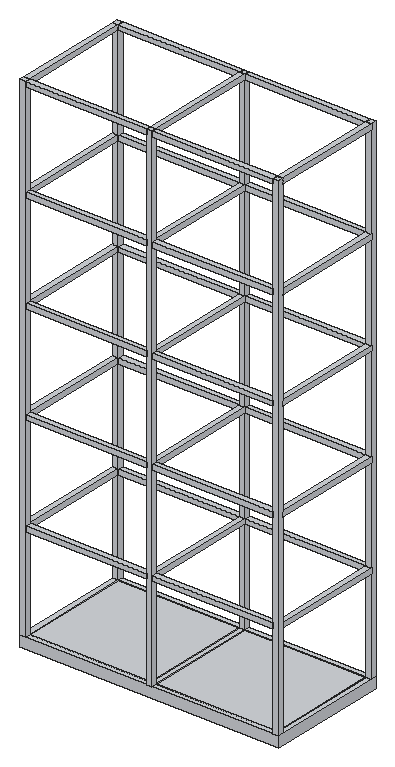
Revit family "Double Width Outline Units", category Furniture, Revit 2021
Family settings
  OmniClass Number = 23.40.20.00
  OmniClass Title = General Furniture and Specialties
  Work Plane-Based = No
  Always vertical = Yes
  Cut with Voids When Loaded = No
  Shared = No
  Room Calculation Point = No
Parameters (values of type "OF10475")
  Width = 1000 mm
  WarrantyStartDate [instance] = ""
  WarrantyGuarantorParts = "servicedept@bisley.com"  # constant formula
  WarrantyGuarantorLabor = "servicedept@bisley.com"  # constant formula
  WarrantyDurationUnit = "Year"  # constant formula
  WarrantyDurationParts = ""
  WarrantyDurationLabor = ""
  WarrantyDescription = "Standard Bisley Warranty"  # constant formula
  Version = ""
  Uniclass2015Version = "V1.1"  # constant formula
  Uniclass2015Title = "78 - Shelves and Storage Units"  # constant formula
  Uniclass2015Code = "PR_40_30_78_57"  # constant formula
  URL = ""
  TagNumber [instance] = ""
  SustainabilityPerformance = "N/A"  # constant formula
  Size = ""
  Shelf Type = Shelves : MFC Shelf 1000w units 470d
  Shape = "Rectangular"  # constant formula
  SerialNumber [instance] = ""
  Revision = "1"  # constant formula
  ReplacementCost = "N/A"  # constant formula
  ProductInformation = "https://www.bisley.com/products/storage-systems/outline/"
  Plinth Height = if(Depth = 400 mm, 50 mm, 40 mm)  # 40 mm
  NominalWidth = Width  # 1000 mm
  NominalLength = Depth  # 470 mm
  NominalHeight = Height  # 1968 mm
  Name = "Floor Standing Outline Frames"  # constant formula
  NBSTypeID = ""
  NBSReference = "45-35-80/360"
  NBSOfficeMasterTag = ""
  NBSDescription = "Office storage"
  ModelReference = ModelNumber  # "OF10475"
  ModelNumber = "OF10475"
  Model = "Outline"  # constant formula
  Material = "Steel"  # constant formula
  ManufacturerURL = "www.bisley.com"
  ManufacturerName = Author  # "Bisley"
  Manufacturer = "orders@bisley.com"  # constant formula
  Keynote = Uniclass2015Code  # "PR_40_30_78_57"
  InstallationDate [instance] = ""
  IfcExportType = ""
  IfcExportAs = ""
  Height = 1968 mm
  Grade = "N/A"  # constant formula
  Frame Type = Outline Frames : 1000w 5 High 470d
  Finish = "Powder Coated Steel"  # constant formula
  Features = ""
  ExpectedLife = "10"  # constant formula
  DurationUnit = "Years"  # constant formula
  Depth = 470 mm
  Default Elevation = 0 mm
  Constituents = "N/A"  # constant formula
  Color = "Vision Pallete"  # constant formula
  CodePerformance = "N/A"  # constant formula
  Category = Uniclass2015Code  # "PR_40_30_78_57"
  BarCode [instance] = "N/A"
  Author = "Bisley"  # constant formula
  AssetType = "Fixed"  # constant formula
  AssetIdentifier [instance] = "N/A"  # constant formula
  AccessibilityPerformance = "N/A"  # constant formula
Types (17, lengths in mm): name | Width | Shelf Type | Plinth Height | NominalWidth | NominalLength | NominalHeight | ModelReference | ModelNumber | Height | Frame Type | Depth
  (no name) | 1000 | Shelves : MFC Shelf 1000w units 470d | 40 | 1000 | 470 | 1968 | "OF10475" | "OF10475" | 1968 | Outline Frames : 1000w 5 High 470d | 470
  OF08402 | 800 | Shelves : Steel Shelf 800w units | 50 | 800 | 400 | 753 | "OF08402" | "OF08402" | 753 | Outline Frames : 800w 2 High | 400
  OF10402 | 1000 | Shelves : Steel Shelf 1000w units | 50 | 1000 | 400 | 753 | "OF10402" | "OF10402" | 753 | Outline Frames : 1000w 2 High | 400
  OF08472 | 800 | Shelves : Steel Shelf 800w units 470d | 40 | 800 | 470 | 812 | "OF08472" | "OF08472" | 812 | Outline Frames : 800w 2 High 470d | 470
  OF10472 | 1000 | Shelves : Steel Shelf 1000w units 470 deep | 40 | 1000 | 470 | 812 | "OF10472" | "OF10472" | 812 | Outline Frames : 1000w 2 High 470d | 470
  OF08403 | 800 | Shelves : Steel Shelf 800w units | 50 | 800 | 400 | 1133 | "OF08403" | "OF08403" | 1133 | Outline Frames : 800w 3 High | 400
  OF10403 | 1000 | Shelves : Steel Shelf 1000w units | 50 | 1000 | 400 | 1133 | "OF10403" | "OF10403" | 1133 | Outline Frames : 1000w 3 High | 400
  OF08473 | 800 | Shelves : Steel Shelf 800w units 470d | 40 | 800 | 470 | 1199 | "OF08473" | "OF08473" | 1199 | Outline Frames : 800w 3 High 470d | 470
  OF10473 | 1000 | Shelves : Steel Shelf 1000w units 470 deep | 40 | 1000 | 470 | 1199 | "OF10473" | "OF10473" | 1199 | Outline Frames : 1000w 3 High 470d | 470
  OF08404 | 800 | Shelves : Steel Shelf 800w units | 50 | 800 | 400 | 1512 | "OF08404" | "OF08404" | 1512 | Outline Frames : 800w 4 High | 400
  OF10404 | 1000 | Shelves : Steel Shelf 1000w units | 50 | 1000 | 400 | 1512 | "OF10404" | "OF10404" | 1512 | Outline Frames : 1000w 4 High | 400
  OF08474 | 800 | Shelves : Steel Shelf 800w units 470d | 40 | 800 | 470 | 1585 | "OF08474" | "OF08474" | 1585 | Outline Frames : 800w 4 High 470d | 470
  OF10474 | 1000 | Shelves : Steel Shelf 1000w units 470 deep | 40 | 1000 | 470 | 1585 | "OF10474" | "OF10474" | 1585 | Outline Frames : 1000w 4 High 470d | 470
  OF08405 | 800 | Shelves : Steel Shelf 800w units | 50 | 800 | 400 | 1891 | "OF08405" | "OF08405" | 1891 | Outline Frames : 800w 5 High | 400
  OF10405 | 1000 | Shelves : Steel Shelf 1000w units | 50 | 1000 | 400 | 1891 | "OF10405" | "OF10405" | 1891 | Outline Frames : 1000w 5 High | 400
  OF08475 | 800 | Shelves : Steel Shelf 800w units 470d | 40 | 800 | 470 | 1968 | "OFO8475" | "OFO8475" | 1968 | Outline Frames : 800w 5 High 470d | 470
  OF10475 | 1000 | Shelves : MFC Shelf 1000w units 470d | 40 | 1000 | 470 | 1968 | "OF10475" | "OF10475" | 1968 | Outline Frames : 1000w 5 High 470d | 470
Reference planes
  plane 1 "Center (Front/Back)": y = 0
  plane 2: z = 0
  plane 3 "Center (Left/Right)": x = 0
  plane 4: x = -500
  plane 5: y = -235
  plane 6: y = 235
  plane 7: x = 500
  plane 8: z = 1968
  plane 9: x = 190
  plane 10: x = -190
  plane 11: x = -11
  plane 12: x = 11
  plane 13: z = 40
Dimensions and locks
  equal spacing: plane 4, plane 3 "Center (Left/Right)", plane 7
  "Width": plane 4 to plane 7
  equal spacing: plane 6, plane 1 "Center (Front/Back)", plane 5
  "Depth": plane 5 to plane 6
  "Height": plane 8 to level
  plane 4 to plane 3 "Center (Left/Right)" = 500 mm
  nested 1 to plane 3 "Center (Left/Right)" = 480 mm
  nested 2 to nested 2 = 468 mm
  locked: plane 11 to plane 3 "Center (Left/Right)" at 11
  locked: plane 3 "Center (Left/Right)" to plane 12 at 11
  "Plinth Height": plane 13 to level
  plane 4 to plane 7 = 1000 mm
  plane 5 to plane 6 = 470 mm
  aligned and locked: level to plane 2
  aligned and locked: plane 3 "Center (Left/Right)" to nested 1
  aligned and locked: plane 1 "Center (Front/Back)" to nested 1
  aligned and locked: nested 1 to level
  aligned and locked: plane 1 "Center (Front/Back)" to nested 2
  aligned and locked: plane 1 "Center (Front/Back)" to nested 3
  aligned and locked: plane 11 to nested 2
  aligned and locked: nested 3 to plane 12
  aligned and locked: plane 13 to nested 2
  aligned and locked: plane 13 to nested 3
Nested families
  nested 1: "Outline Frames" at (0, 0, 0), type <- "Frame Type", type "1000w 5 High 470d"
    with WarrantyStartDate "", TagNumber "", SerialNumber "", InstallationDate "", BarCode "N/A", AssetIdentifier "N/A"
  nested 2: "Shelves" at (-245, 0, 22), type <- "Shelf Type", type "MFC Shelf 1000w units 470d"
    with WarrantyStartDate "", TagNumber "", SerialNumber "", InstallationDate "", BarCode "N/A", AssetIdentifier "N/A"
  nested 3: "Shelves" at (245, 0, 22), type <- "Shelf Type", type "MFC Shelf 1000w units 470d"
    with WarrantyStartDate "", TagNumber "", SerialNumber "", InstallationDate "", BarCode "N/A", AssetIdentifier "N/A"
Definition of nested family "Outline Frames"
  Parameters (values of type "800w 3 High 470d")
    Width = 800 mm
    WarrantyStartDate [instance] = ""
    WarrantyGuarantorParts = "servicedept@bisley.com"  # constant formula
    WarrantyGuarantorLabor = "servicedept@bisley.com"  # constant formula
    WarrantyDurationUnit = "Year"  # constant formula
    WarrantyDurationParts = ""
    WarrantyDurationLabor = ""
    WarrantyDescription = "Standard Bisley Warranty"  # constant formula
    Version = ""
    Uniclass2015Version = "V1.1"  # constant formula
    Uniclass2015Title = "78 - Shelves and Storage Units"  # constant formula
    Uniclass2015Code = "PR_40_30_78_57"  # constant formula
    URL = ""
    TagNumber [instance] = ""
    SustainabilityPerformance = "N/A"  # constant formula
    Size = ""
    Shelf #4 = no
    Shelf #3 = no
    Shelf #2 = yes
    Shape = "Rectangular"  # constant formula
    SerialNumber [instance] = ""
    Revision = ""
    ReplacementCost = "N/A"  # constant formula
    ProductInformation = ""
    Plinth Height = if(Depth = 400 mm, 50 mm, 40 mm)  # 40 mm
    NominalWidth = Width  # 800 mm
    NominalLength = Depth  # 470 mm
    NominalHeight = Height  # 1199 mm
    Name = ""
    NBSTypeID = ""
    NBSReference = "45-35-80/360"
    NBSOfficeMasterTag = ""
    NBSDescription = "Office storage"
    ModelReference = ""
    ModelNumber = ""
    Material 2 = none
    Material = "Steel"  # constant formula
    ManufacturerURL = ""
    ManufacturerName = Author  # "Bisley"
    Manufacturer = "orders@bisley.com"  # constant formula
    Keynote = Uniclass2015Code  # "PR_40_30_78_57"
    Internal 4 = if(Depth = 400 mm, 359 mm, 366 mm)  # 366 mm
    Internal 3 = if(Depth = 400 mm, 359 mm, 366 mm)  # 366 mm
    Internal 2 = if(Depth = 400 mm, 332 mm, 366 mm)  # 366 mm
    Internal 1 = if(Depth = 400 mm, 332 mm, 366 mm)  # 366 mm
    InstallationDate [instance] = ""
    IfcExportType = ""
    IfcExportAs = ""
    Height = 1199 mm
    Grade = "N/A"  # constant formula
    Finish = "Powder Coated Steel"  # constant formula
    Features = ""
    ExpectedLife = "10"  # constant formula
    DurationUnit = "Years"  # constant formula
    Depth = 470 mm
    Default Elevation = 0 mm
    Constituents = "N/A"  # constant formula
    Color = "Vision Pallete"  # constant formula
    CodePerformance = "N/A"  # constant formula
    Category = Uniclass2015Code  # "PR_40_30_78_57"
    BarCode [instance] = "N/A"
    Author = "Bisley"  # constant formula
    AssetType = "Fixed"  # constant formula
    AssetIdentifier [instance] = "N/A"  # constant formula
    AccessibilityPerformance = "N/A"  # constant formula
  Types (16, lengths in mm): name | Width | Shelf #4 | Shelf #3 | Shelf #2 | Plinth Height | NominalWidth | NominalLength | NominalHeight | Internal 4 | Internal 3 | Internal 2 | Internal 1 | Height | Depth
    800w 2 High | 800 | no | no | no | 50 | 800 | 400 | 753 | 359 | 359 | 332 | 332 | 753 | 400
    800w 3 High | 800 | no | no | yes | 50 | 800 | 400 | 1133 | 359 | 359 | 332 | 332 | 1133 | 400
    800w 4 High | 800 | no | yes | yes | 50 | 800 | 400 | 1512 | 359 | 359 | 332 | 332 | 1512 | 400
    800w 5 High | 800 | yes | yes | yes | 50 | 800 | 400 | 1891 | 359 | 359 | 332 | 332 | 1891 | 400
    1000w 5 High | 1000 | yes | yes | yes | 50 | 1000 | 400 | 1891 | 359 | 359 | 332 | 332 | 1891 | 400
    1000w 4 High | 1000 | no | yes | yes | 50 | 1000 | 400 | 1512 | 359 | 359 | 332 | 332 | 1512 | 400
    1000w 3 High | 1000 | no | no | yes | 50 | 1000 | 400 | 1133 | 359 | 359 | 332 | 332 | 1133 | 400
    1000w 2 High | 1000 | no | no | no | 50 | 1000 | 400 | 753 | 359 | 359 | 332 | 332 | 753 | 400
    1000w 2 High 470d | 1000 | no | no | no | 40 | 1000 | 470 | 812 | 366 | 366 | 366 | 366 | 812 | 470
    1000w 3 High 470d | 1000 | no | no | yes | 40 | 1000 | 470 | 1199 | 366 | 366 | 366 | 366 | 1199 | 470
    1000w 4 High 470d | 1000 | no | yes | yes | 40 | 1000 | 470 | 1585 | 366 | 366 | 366 | 366 | 1585 | 470
    1000w 5 High 470d | 1000 | yes | yes | yes | 40 | 1000 | 470 | 1968 | 366 | 366 | 366 | 366 | 1968 | 470
    800w 2 High 470d | 800 | no | no | no | 40 | 800 | 470 | 812 | 366 | 366 | 366 | 366 | 812 | 470
    800w 3 High 470d | 800 | no | no | yes | 40 | 800 | 470 | 1199 | 366 | 366 | 366 | 366 | 1199 | 470
    800w 4 High 470d | 800 | no | yes | yes | 40 | 800 | 470 | 1585 | 366 | 366 | 366 | 366 | 1585 | 470
    800w 5 High 470d | 800 | yes | yes | yes | 40 | 800 | 470 | 1968 | 366 | 366 | 366 | 366 | 1968 | 470
  Reference planes
    plane 1 "Center (Front/Back)": y = 0
    plane 2: z = 0
    plane 3 "Center (Left/Right)": x = 0
    plane 4: x = -400
    plane 5: y = -235
    plane 6: y = 235
    plane 7: x = 400
    plane 8: z = 1199
    plane 9: x = -380
    plane 10: x = -10
    plane 11: y = -215
    plane 12: y = 215
    plane 13: x = 10
    plane 14: x = 380
    plane 15: z = 40
    plane 16: z = 406
    plane 17: z = 1179
    plane 18: z = 1179
    plane 19: z = 426
    plane 20: z = 792
    plane 21: z = 812
    plane 22: z = 1178
    plane 23: z = 1198
    plane 24: z = 1564
    plane 25: z = 1584
    plane 26: z = 406
    plane 27: z = 792
    plane 28: z = 1178
    plane 29: z = 1564
    plane 30: z = 1950
  Forms (mm)
    Extrusion 1, solid
      sketch origin (0, 0, 0) x (1, 0, 0) y (0, 1, 0)
        loop
          line (-400, 235) -> (-400, -235) -> (400, -235) -> (400, 235) -> (-400, 235)
        loop
          line (-380, 215) -> (-380, -215) -> (-10, -215) -> (-10, 215) -> (-380, 215)
        loop
          line (10, 215) -> (10, -215) -> (380, -215) -> (380, 215) -> (10, 215)
      from 0 to 40
    Extrusion 2, solid
      sketch origin (0, 0, 0) x (1, 0, 0) y (0, 1, 0)
        loop
          line (-400, 235) -> (-400, 215) -> (-380, 215) -> (-380, 235) -> (-400, 235)
        loop
          line (-400, -215) -> (-400, -235) -> (-380, -235) -> (-380, -215) -> (-400, -215)
        loop
          line (-10, -235) -> (10, -235) -> (10, -215) -> (-10, -215) -> (-10, -235)
        loop
          line (-10, 235) -> (-10, 215) -> (10, 215) -> (10, 235) -> (-10, 235)
        loop
          line (380, 235) -> (380, 215) -> (400, 215) -> (400, 235) -> (380, 235)
        loop
          line (380, -215) -> (380, -235) -> (400, -235) -> (400, -215) -> (380, -215)
      from 40 to 1199
    Extrusion 3, solid
      sketch origin (0, 0, 0) x (0, 1, 0) y (0, 0, 1)
        loop
          line (235, 1199) -> (215, 1199) -> (215, 1179) -> (235, 1179) -> (235, 1199)
        loop
          line (-215, 1199) -> (-235, 1199) -> (-235, 1179) -> (-215, 1179) -> (-215, 1199)
      from 10 to 380
    Extrusion 4, solid
      sketch origin (0, 0, 0) x (0, 1, 0) y (0, 0, 1)
        loop
          line (235, 1199) -> (215, 1199) -> (215, 1179) -> (235, 1179) -> (235, 1199)
        loop
          line (-215, 1199) -> (-235, 1199) -> (-235, 1179) -> (-215, 1179) -> (-215, 1199)
      from -10 to -380
    Extrusion 5, solid
      sketch origin (0, 0, 0) x (1, 0, 0) y (0, 0, 1)
        loop
          line (-400, 1199) -> (-400, 1179) -> (-380, 1179) -> (-380, 1199) -> (-400, 1199)
        loop
          line (10, 1199) -> (-10, 1199) -> (-10, 1179) -> (10, 1179) -> (10, 1199)
        loop
          line (400, 1179) -> (400, 1199) -> (380, 1199) -> (380, 1179) -> (400, 1179)
      from -215 to 215
    Extrusion 6, solid
      sketch origin (0, 0, 332) x (1, 0, 0) y (0, 0, 1)
        loop
          line (-400, 94) -> (-400, 74) -> (-380, 74) -> (-380, 94) -> (-400, 94)
        loop
          line (-10, 94) -> (-10, 74) -> (10, 74) -> (10, 94) -> (-10, 94)
        loop
          line (380, 94) -> (380, 74) -> (400, 74) -> (400, 94) -> (380, 94)
      from -215 to 215
    Extrusion 7, solid
      sketch origin (0, 0, 0) x (0, 1, 0) y (0, 0, 1)
        loop
          line (235, 426) -> (215, 426) -> (215, 406) -> (235, 406) -> (235, 426)
        loop
          line (-215, 426) -> (-235, 426) -> (-235, 406) -> (-215, 406) -> (-215, 426)
      from -10 to -380
    Extrusion 8, solid
      sketch origin (0, 0, 0) x (0, 1, 0) y (0, 0, 1)
        loop
          line (235, 426) -> (215, 426) -> (215, 406) -> (235, 406) -> (235, 426)
        loop
          line (-215, 426) -> (-235, 426) -> (-235, 406) -> (-215, 406) -> (-215, 426)
      from 10 to 380
    Extrusion 9, solid, visible <- "Shelf #2"
      sketch origin (0, 0, 0) x (1, 0, 0) y (0, 0, 1)
        loop
          line (-400, 792) -> (-380, 792) -> (-380, 812) -> (-400, 812) -> (-400, 792)
        loop
          line (10, 792) -> (10, 812) -> (-10, 812) -> (-10, 792) -> (10, 792)
        loop
          line (400, 792) -> (400, 812) -> (380, 812) -> (380, 792) -> (400, 792)
      from -215 to 215
    Extrusion 10, solid, visible <- "Shelf #2"
      sketch origin (0, 0, 0) x (0, 1, 0) y (0, 0, 1)
        loop
          line (235, 812) -> (215, 812) -> (215, 792) -> (235, 792) -> (235, 812)
        loop
          line (-215, 812) -> (-235, 812) -> (-235, 792) -> (-215, 792) -> (-215, 812)
      from -10 to -380
    Extrusion 11, solid, visible <- "Shelf #2"
      sketch origin (0, 0, 0) x (0, 1, 0) y (0, 0, 1)
        loop
          line (235, 812) -> (215, 812) -> (215, 792) -> (235, 792) -> (235, 812)
        loop
          line (-215, 812) -> (-235, 812) -> (-235, 792) -> (-215, 792) -> (-215, 812)
      from 10 to 380
    Extrusion 12, solid, visible <- "Shelf #3"
      sketch origin (0, 0, 0) x (1, 0, 0) y (0, 0, 1)
        loop
          line (-400, 1198) -> (-400, 1178) -> (-380, 1178) -> (-380, 1198) -> (-400, 1198)
        loop
          line (380, 1198) -> (380, 1178) -> (400, 1178) -> (400, 1198) -> (380, 1198)
        loop
          line (-10, 1198) -> (-10, 1178) -> (10, 1178) -> (10, 1198) -> (-10, 1198)
      from -215 to 215
    Extrusion 13, solid, visible <- "Shelf #3"
      sketch origin (0, 0, 0) x (0, 1, 0) y (0, 0, 1)
        loop
          line (235, 1198) -> (215, 1198) -> (215, 1178) -> (235, 1178) -> (235, 1198)
        loop
          line (-215, 1198) -> (-235, 1198) -> (-235, 1178) -> (-215, 1178) -> (-215, 1198)
      from -10 to -380
    Extrusion 14, solid, visible <- "Shelf #3"
      sketch origin (0, 0, 0) x (0, 1, 0) y (0, 0, 1)
        loop
          line (235, 1198) -> (215, 1198) -> (215, 1178) -> (235, 1178) -> (235, 1198)
        loop
          line (-215, 1178) -> (-215, 1198) -> (-235, 1198) -> (-235, 1178) -> (-215, 1178)
      from 10 to 380
    Extrusion 15, solid, visible <- "Shelf #4"
      sketch origin (0, 0, 0) x (1, 0, 0) y (0, 0, 1)
        loop
          line (-400, 1584) -> (-400, 1564) -> (-380, 1564) -> (-380, 1584) -> (-400, 1584)
        loop
          line (10, 1564) -> (10, 1584) -> (-10, 1584) -> (-10, 1564) -> (10, 1564)
        loop
          line (380, 1584) -> (380, 1564) -> (400, 1564) -> (400, 1584) -> (380, 1584)
      from -215 to 215
    Extrusion 16, solid, visible <- "Shelf #4"
      sketch origin (0, 0, 0) x (0, 1, 0) y (0, 0, 1)
        loop
          line (235, 1584) -> (215, 1584) -> (215, 1564) -> (235, 1564) -> (235, 1584)
        loop
          line (-215, 1584) -> (-235, 1584) -> (-235, 1564) -> (-215, 1564) -> (-215, 1584)
      from -10 to -380
    Extrusion 17, solid, visible <- "Shelf #4"
      sketch origin (0, 0, 0) x (0, 1, 0) y (0, 0, 1)
        loop
          line (235, 1584) -> (215, 1584) -> (215, 1564) -> (235, 1564) -> (235, 1584)
        loop
          line (-215, 1584) -> (-235, 1584) -> (-235, 1564) -> (-215, 1564) -> (-215, 1584)
      from 10 to 380
  Dimensions and locks
    equal spacing: plane 4, plane 3 "Center (Left/Right)", plane 7
    "Width": plane 4 to plane 7
    equal spacing: plane 6, plane 1 "Center (Front/Back)", plane 5
    "Depth": plane 5 to plane 6
    "Height": plane 8 to level
    locked: plane 6 to plane 12 at 20
    locked: plane 4 to plane 9 at 20
    locked: plane 10 to plane 13 at 20
    equal spacing: plane 10, plane 3 "Center (Left/Right)", plane 13
    locked: plane 5 to plane 11 at 20
    locked: plane 14 to plane 7 at 20
    "Plinth Height": plane 15 to level
    locked: plane 8 to plane 17 at 20
    locked: plane 8 to plane 18 at 20
    "Internal 1": plane 16 to plane 15
    locked: plane 19 to plane 16 at 20
    "Internal 2": plane 20 to plane 19
    locked: plane 21 to plane 20 at 20
    "Internal 3": plane 22 to plane 21
    locked: plane 23 to plane 22 at 20
    "Internal 4": plane 24 to plane 23
    locked: plane 25 to plane 24 at 20
    plane 25 to plane 18 = 405 mm
    Extrusion 12 sketch curve to Extrusion 12 sketch curve = 20 mm
    Extrusion 15 to Extrusion 15 = 370 mm
    Extrusion 16 to Extrusion 16 = 430 mm
    locked: plane 26 to plane 15 at 366
    locked: plane 27 to plane 26 at 386
    locked: plane 28 to plane 27 at 386
    locked: plane 29 to plane 28 at 386
    locked: plane 30 to plane 29 at 386
    plane 30 to level = 1950 mm
    plane 29 to level = 1564 mm
    plane 28 to level = 1178 mm
    plane 27 to level = 792 mm
    aligned and locked: level to plane 2
    aligned and locked: Extrusion 1 to plane 15
    aligned and locked: Extrusion 1 to level
    aligned and locked: Extrusion 1 to plane 4
    aligned and locked: plane 5 to Extrusion 1
    aligned and locked: plane 7 to Extrusion 1
    aligned and locked: plane 6 to Extrusion 1
    aligned and locked: plane 11 to Extrusion 1
    aligned and locked: Extrusion 1 to plane 12
    aligned and locked: plane 9 to Extrusion 1
    aligned and locked: Extrusion 1 to plane 14
    aligned and locked: plane 13 to Extrusion 1
    aligned and locked: Extrusion 1 to plane 10
    aligned and locked: plane 9 to Extrusion 2  (x3)
    aligned and locked: Extrusion 2 to plane 4  (x4)
    aligned and locked: Extrusion 2 to plane 10  (x2)
    aligned and locked: plane 13 to Extrusion 2  (x2)
    aligned and locked: plane 6 to Extrusion 2  (x3)
    aligned and locked: Extrusion 2 to plane 12  (x3)
    aligned and locked: Extrusion 2 to plane 14  (x2)
    aligned and locked: plane 7 to Extrusion 2  (x2)
    aligned and locked: plane 5 to Extrusion 2  (x2)
    aligned and locked: plane 11 to Extrusion 2  (x4)
    aligned and locked: Extrusion 2 to Extrusion 1
    aligned and locked: plane 8 to Extrusion 2
    aligned and locked: Extrusion 3 sketch curve to plane 8  (x2)
    aligned and locked: Extrusion 3 sketch curve to plane 6
    aligned and locked: plane 12 to Extrusion 3 sketch curve
    aligned and locked: plane 17 to Extrusion 3 sketch curve  (x2)
    aligned and locked: Extrusion 3 sketch curve to plane 11
    aligned and locked: Extrusion 3 sketch curve to plane 5
    aligned and locked: Extrusion 3 to plane 13
    aligned and locked: plane 14 to Extrusion 3
    aligned and locked: Extrusion 4 sketch curve to Extrusion 2
    aligned and locked: Extrusion 2 to Extrusion 4 sketch curve  (x3)
    aligned and locked: Extrusion 4 sketch curve to Extrusion 3  (x4)
    aligned and locked: Extrusion 4 to plane 10
    aligned and locked: Extrusion 4 to plane 9
    aligned and locked: Extrusion 5 sketch curve to Extrusion 2  (x3)
    aligned and locked: Extrusion 3 to Extrusion 5 sketch curve
    aligned and locked: Extrusion 2 to Extrusion 5 sketch curve
    aligned and locked: plane 18 to Extrusion 5 sketch curve
    aligned and locked: Extrusion 5 sketch curve to plane 7
    aligned and locked: Extrusion 5 sketch curve to Extrusion 3
    aligned and locked: Extrusion 5 to plane 11
    aligned and locked: plane 12 to Extrusion 5
    aligned and locked: plane 10 to Extrusion 6 sketch curve
    aligned and locked: Extrusion 6 sketch curve to Extrusion 2  (x2)
    aligned and locked: plane 14 to Extrusion 6 sketch curve
    aligned and locked: plane 4 to Extrusion 6 sketch curve
    aligned and locked: Extrusion 6 sketch curve to plane 9
    aligned and locked: Extrusion 6 to plane 11
    aligned and locked: plane 12 to Extrusion 6
    aligned and locked: plane 19 to Extrusion 6  (x3)
    aligned and locked: Extrusion 6 to plane 16  (x3)
    aligned and locked: Extrusion 6 to plane 4
    aligned and locked: plane 9 to Extrusion 6
    aligned and locked: plane 7 to Extrusion 6
    aligned and locked: Extrusion 6 to plane 14
    aligned and locked: plane 13 to Extrusion 6
    aligned and locked: Extrusion 6 to plane 10
    aligned and locked: plane 19 to Extrusion 7 sketch curve
    aligned and locked: plane 6 to Extrusion 7 sketch curve
    aligned and locked: Extrusion 6 to Extrusion 7 sketch curve  (x2)
    aligned and locked: Extrusion 7 sketch curve to Extrusion 6  (x2)
    aligned and locked: Extrusion 7 sketch curve to plane 16
    aligned and locked: plane 5 to Extrusion 7 sketch curve
    aligned and locked: Extrusion 8 sketch curve to Extrusion 7  (x4)
    aligned and locked: Extrusion 6 to Extrusion 8 sketch curve  (x2)
    aligned and locked: Extrusion 8 sketch curve to Extrusion 6  (x2)
    aligned and locked: Extrusion 8 to plane 13
    aligned and locked: Extrusion 7 to plane 9
    aligned and locked: plane 10 to Extrusion 7
    aligned and locked: plane 14 to Extrusion 8
    aligned and locked: plane 20 to Extrusion 9 sketch curve  (x2)
    aligned and locked: Extrusion 9 sketch curve to plane 7
    aligned and locked: Extrusion 9 sketch curve to Extrusion 9 sketch curve
    aligned and locked: plane 14 to Extrusion 9 sketch curve
    aligned and locked: Extrusion 9 sketch curve to plane 13
    aligned and locked: plane 10 to Extrusion 9 sketch curve
    aligned and locked: plane 9 to Extrusion 9 sketch curve
    aligned and locked: Extrusion 9 sketch curve to plane 4
    aligned and locked: Extrusion 9 sketch curve to plane 20
    aligned and locked: plane 21 to Extrusion 9  (x3)
    aligned and locked: Extrusion 9 to plane 11
    aligned and locked: plane 12 to Extrusion 9
    aligned and locked: plane 21 to Extrusion 10 sketch curve
    aligned and locked: plane 6 to Extrusion 10 sketch curve
    aligned and locked: Extrusion 9 to Extrusion 10 sketch curve  (x2)
    aligned and locked: Extrusion 10 sketch curve to Extrusion 9  (x2)
    aligned and locked: Extrusion 10 sketch curve to plane 20
    aligned and locked: plane 5 to Extrusion 10 sketch curve
    aligned and locked: Extrusion 11 sketch curve to Extrusion 10  (x4)
    aligned and locked: Extrusion 9 to Extrusion 11 sketch curve  (x2)
    aligned and locked: Extrusion 11 sketch curve to Extrusion 9  (x2)
    aligned and locked: plane 14 to Extrusion 11
    aligned and locked: Extrusion 11 to plane 13
    aligned and locked: Extrusion 10 to plane 9
    aligned and locked: plane 10 to Extrusion 10
    aligned and locked: Extrusion 12 sketch curve to plane 23  (x3)
    aligned and locked: plane 4 to Extrusion 12 sketch curve
    aligned and locked: plane 22 to Extrusion 12 sketch curve  (x3)
    aligned and locked: Extrusion 12 sketch curve to plane 9
    aligned and locked: Extrusion 12 sketch curve to plane 7
    aligned and locked: plane 10 to Extrusion 12 sketch curve
    aligned and locked: Extrusion 12 sketch curve to plane 13
    aligned and locked: Extrusion 12 to plane 11
    aligned and locked: plane 12 to Extrusion 12
    aligned and locked: plane 23 to Extrusion 13 sketch curve
    aligned and locked: plane 6 to Extrusion 13 sketch curve
    aligned and locked: Extrusion 12 to Extrusion 13 sketch curve  (x2)
    aligned and locked: Extrusion 13 sketch curve to Extrusion 12  (x2)
    aligned and locked: Extrusion 13 sketch curve to plane 22
    aligned and locked: plane 5 to Extrusion 13 sketch curve
    aligned and locked: Extrusion 14 sketch curve to Extrusion 13  (x4)
    aligned and locked: Extrusion 12 to Extrusion 14 sketch curve  (x2)
    aligned and locked: Extrusion 14 sketch curve to Extrusion 12  (x2)
    aligned and locked: plane 14 to Extrusion 14
    aligned and locked: Extrusion 14 to plane 13
    aligned and locked: plane 10 to Extrusion 13
    aligned and locked: plane 9 to Extrusion 5
    aligned and locked: Extrusion 15 sketch curve to plane 25  (x3)
    aligned and locked: plane 4 to Extrusion 15 sketch curve
    aligned and locked: plane 24 to Extrusion 15 sketch curve  (x3)
    aligned and locked: Extrusion 15 sketch curve to plane 9
    aligned and locked: Extrusion 15 sketch curve to plane 13
    aligned and locked: plane 10 to Extrusion 15 sketch curve
    aligned and locked: plane 14 to Extrusion 15 sketch curve
    aligned and locked: Extrusion 15 sketch curve to plane 7
    aligned and locked: plane 12 to Extrusion 15
    aligned and locked: Extrusion 15 to plane 11
    aligned and locked: plane 25 to Extrusion 16 sketch curve
    aligned and locked: plane 6 to Extrusion 16 sketch curve
    aligned and locked: Extrusion 15 to Extrusion 16 sketch curve  (x2)
    aligned and locked: Extrusion 16 sketch curve to Extrusion 15  (x2)
    aligned and locked: Extrusion 16 sketch curve to plane 24
    aligned and locked: plane 5 to Extrusion 16 sketch curve
    aligned and locked: Extrusion 17 sketch curve to Extrusion 16  (x4)
    aligned and locked: Extrusion 15 to Extrusion 17 sketch curve  (x2)
    aligned and locked: Extrusion 17 sketch curve to Extrusion 15  (x2)
    aligned and locked: Extrusion 17 to plane 13
    aligned and locked: plane 14 to Extrusion 17
    aligned and locked: Extrusion 16 to plane 9
    aligned and locked: plane 10 to Extrusion 16
    aligned and locked: Extrusion 13 to plane 9
  Automatic sketch dimensions
    Extrusion 1 sketch curve to plane 4 = 0 mm
    Extrusion 1 sketch curve to plane 9 = 0 mm
    Extrusion 1 sketch curve to plane 10 = 0 mm
    Extrusion 1 sketch curve to plane 11 = 0 mm  (x2)
    Extrusion 1 sketch curve to plane 13 = 0 mm
    Extrusion 1 sketch curve to plane 14 = 0 mm
    Extrusion 1 sketch curve to plane 6 = 0 mm
    Extrusion 1 sketch curve to plane 7 = 0 mm
    plane 5 to Extrusion 1 sketch curve = 0 mm
    Extrusion 1 sketch curve to plane 12 = 0 mm  (x2)
    Extrusion 2 sketch curve to plane 4 = 0 mm  (x2)
    Extrusion 2 sketch curve to plane 9 = 0 mm  (x2)
    Extrusion 2 sketch curve to plane 6 = 0 mm  (x3)
    plane 5 to Extrusion 2 sketch curve = 0 mm  (x3)
    Extrusion 2 sketch curve to plane 10 = 0 mm  (x2)
    Extrusion 2 sketch curve to plane 13 = 0 mm  (x2)
    Extrusion 2 sketch curve to plane 14 = 0 mm  (x2)
    Extrusion 2 sketch curve to plane 11 = 0 mm  (x3)
    Extrusion 2 sketch curve to plane 7 = 0 mm  (x2)
    Extrusion 2 sketch curve to plane 12 = 0 mm  (x3)
    Extrusion 5 sketch curve to plane 9 = 0 mm
    Extrusion 5 sketch curve to plane 10 = 0 mm
    Extrusion 5 sketch curve to plane 18 = 0 mm  (x2)
    Extrusion 6 sketch curve to plane 16 = 0 mm  (x3)
    Extrusion 6 sketch curve to plane 19 = 0 mm  (x3)
    plane 20 to Extrusion 9 sketch curve = 20 mm
    Extrusion 9 sketch curve to Extrusion 9 sketch curve = 20 mm
    Extrusion 16 sketch curve to plane 25 = 0 mm
Definition of nested family "Shelves"
  Parameters (values of type "Steel Shelf 800w units 470d")
    Width = 368 mm
    WarrantyStartDate [instance] = ""
    WarrantyGuarantorParts = "servicedept@bisley.com"  # constant formula
    WarrantyGuarantorLabor = "servicedept@bisley.com"  # constant formula
    WarrantyDurationUnit = "Year"  # constant formula
    WarrantyDurationParts = ""
    WarrantyDurationLabor = ""
    WarrantyDescription = "Standard Bisley Warranty"  # constant formula
    Version = ""
    Uniclass2015Version = "V1.1"  # constant formula
    Uniclass2015Title = "78 - Shelves and Storage Units"  # constant formula
    Uniclass2015Code = "PR_40_30_78_57"  # constant formula
    URL = "www.bisley.com"
    TagNumber [instance] = ""
    SustainabilityPerformance = "N/A"  # constant formula
    Size = ""
    Shape = "Rectangular"  # constant formula
    SerialNumber [instance] = ""
    Revision = ""
    ReplacementCost = "N/A"  # constant formula
    ProductInformation = ""
    NominalWidth = Width  # 368 mm
    NominalLength = Depth  # 428 mm
    NominalHeight = Height  # 18 mm
    Name = ""
    NBSTypeID = ""
    NBSReference = "45-35-80/360"
    NBSOfficeMasterTag = ""
    NBSDescription = "Office storage"
    ModelReference = ""
    ModelNumber = ""
    Material = "Steel"
    ManufacturerURL = "www.bisley.com"
    ManufacturerName = Author  # "Bisley"
    Manufacturer = "orders@bisley.com"  # constant formula
    Keynote = Uniclass2015Code  # "PR_40_30_78_57"
    InstallationDate [instance] = ""
    IfcExportType = ""
    IfcExportAs = ""
    Height = 18 mm
    Grade = "N/A"  # constant formula
    Finish = "Powder Coated Steel"  # constant formula
    Features = ""
    ExpectedLife = "10"  # constant formula
    DurationUnit = "Years"  # constant formula
    Depth = 428 mm
    Default Elevation = 0 mm
    Constituents = "N/A"  # constant formula
    Color = "Vision Pallete"  # constant formula
    CodePerformance = "N/A"  # constant formula
    Category = Uniclass2015Code  # "PR_40_30_78_57"
    BarCode [instance] = ""
    Author = "Bisley"  # constant formula
    AssetType = "Fixed"  # constant formula
    AssetIdentifier [instance] = "N/A"  # constant formula
    AccessibilityPerformance = "N/A"  # constant formula
  Types (8, lengths in mm): name | Width | NominalWidth | NominalLength | Material | Depth
    Steel Shelf 1000w units | 468 | 468 | 358 | "Steel" | 358
    Steel Shelf 800w units | 368 | 368 | 358 | "Steel" | 358
    MFC Shelf 800w units | 368 | 368 | 358 | "MFC" | 358
    MFC Shelf 1000w units | 468 | 468 | 358 | "MFC" | 358
    Steel Shelf 1000w units 470 deep | 468 | 468 | 428 | "Steel" | 428
    MFC Shelf 1000w units 470d | 468 | 468 | 428 | "MFC" | 428
    MFC Shelf 800w units 470d | 368 | 368 | 428 | "MFC" | 428
    Steel Shelf 800w units 470d | 368 | 368 | 428 | "Steel" | 428
  Reference planes
    plane 1 "Center (Front/Back)": y = 0
    plane 2: z = 0
    plane 3 "Center (Left/Right)": x = 0
    plane 4: x = -184
    plane 5: y = -214
    plane 6: y = 214
    plane 7: x = 184
    plane 8: z = 18
  Forms (mm)
    Extrusion 1, solid
      sketch origin (0, 0, 0) x (1, 0, 0) y (0, 1, 0)
        loop
          line (-184, 214) -> (-184, -214) -> (184, -214) -> (184, 214) -> (-184, 214)
      from 0 to 18
  Dimensions and locks
    equal spacing: plane 4, plane 3 "Center (Left/Right)", plane 7
    "Width": plane 4 to plane 7
    equal spacing: plane 6, plane 1 "Center (Front/Back)", plane 5
    "Depth": plane 5 to plane 6
    "Height": plane 8 to level
    aligned and locked: level to plane 2
    aligned and locked: Extrusion 1 sketch curve to plane 6
    aligned and locked: plane 4 to Extrusion 1 sketch curve
    aligned and locked: Extrusion 1 sketch curve to plane 5
    aligned and locked: Extrusion 1 sketch curve to plane 7
    aligned and locked: plane 8 to Extrusion 1
    aligned and locked: Extrusion 1 to level
